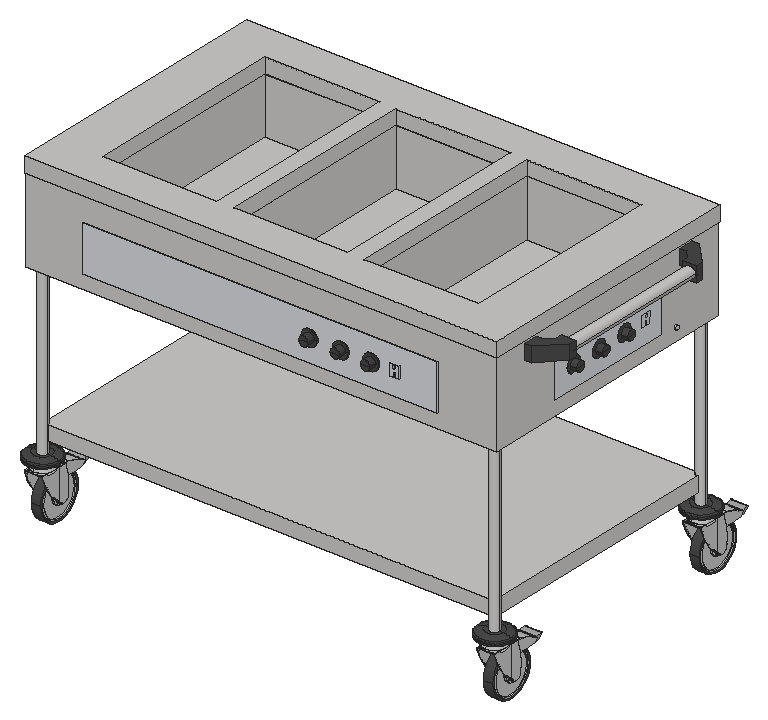
Revit family "QF_BOURGEAT_3GN_bain_marie mobile_sans_etuve_cuve_separees", category Equipement spécialisé, Revit 2015
Parameters (values of type "commandes_petit_cote")
  lg_barre_transport = 635 mm
  commande_petit_cote = yes
  commande_grand_cote = no
  URL catalogue = "http://www.bourgeat.fr"
  URL = ""
  Type de Raccord Electrique = ""
  Type article = ""
  Tension = 230 V
  Spécification du Fabricant = "bain-marie mobiles"
  Remarques Plomberie = ""
  Remarques Electricité = ""
  Puissance électrique  = 2100 W
  Profondeur hors tout = 690 mm
  Poids net à vide = 60.00 kg
  Phase = 2
  Nature isolant = "30mm laine de roche"
  Modèle = "872013"
  Longueur hors tout = 1280 mm
  Intensité nominale = 9.13043 A
  Indice de protection = "33"
  Hauteur hors tout = 900 mm
  Fréquence = 50 Hz
  Fabricant = "BOURGEAT"
  Diamètre de Raccordement Evacuation = 26.7 mm
  Contact SAV = "0033(0)4.76.32.14.44"
  Charge max = 90.00 kg
Types (3, lengths in mm): name | lg_barre_transport | commande_petit_cote | commande_grand_cote | Profondeur hors tout | Poids net à vide | Modèle | Longueur hors tout
  (no name) | 635 | yes | no | 690 | 60.00 kg | "872013" | 1280
  commandes_petit_cote | 635 | yes | no | 690 | 60.00 kg | "872013" | 1280
  commande_grand_cote | 960 | no | yes | 755 | 55.00 kg | "872313" | 1215
Reference planes
  plane 1 "Centre (avant/arrière)": y = 0
  plane 2: z = 0
  plane 3 "Centre (gauche/droite)": x = 0
  plane 4: z = 856
  plane 5: z = 797.5
  plane 6: z = 735.5
  plane 7: y = 53
Forms (mm)
  Extrusion 1, solid, visible <- "commande_grand_cote"
    sketch origin (0, 0, 0) x (1, 0, 0) y (0, 0, 1)
      loop
        circle (444.189, 684.77) r 5
    from 381.744 to 379.5
  Extrusion 2, solid, visible <- "commande_petit_cote"
    sketch origin (0, 0, 0) x (0, 1, 0) y (0, 0, 1)
      loop
        circle (229.838, 670.991) r 5
    from 640 to 644.754
Dimensions and locks
  aligned and locked: level to plane 2
  aligned and locked: nested 1 to plane 5
  aligned and locked: nested 2 to plane 3 "Centre (gauche/droite)"
  aligned and locked: plane 4 to nested 2
  aligned and locked: plane 3 "Centre (gauche/droite)" to nested 4
  aligned and locked: plane 1 "Centre (avant/arrière)" to nested 4
  aligned and locked: plane 3 "Centre (gauche/droite)" to nested 3
  aligned and locked: plane 1 "Centre (avant/arrière)" to nested 3
  aligned and locked: nested 3 to nested 4
  aligned and locked: nested 4 to nested 2
  aligned and locked: nested 5 to nested 3
  aligned and locked: plane 5 to nested 5
  aligned and locked: nested 5 to Extrusion 1
  aligned and locked: plane 7 to nested 6
  aligned and locked: Extrusion 2 to nested 1
  aligned and locked: nested 7 to nested 3
  aligned and locked: nested 6 to nested 1
  aligned and locked: nested 7 to plane 4
  aligned and locked: nested 8 to nested 4
  aligned and locked: nested 9 to nested 4
  aligned and locked: nested 10 to nested 4
Nested families
  nested 1: "interface" at (640, 0, 735.5) x (0, 1, 0) z (0, 0, 1), visible <- "commande_petit_cote", type "interface"
  nested 2: "supports+barre_transport" at (0, -375.5, 816) x (-1, 0, 0) z (0, 0, 1), visible <- "commande_grand_cote", type "supports+barre_transport"
  nested 3: "3GN_cuve_separée" at (0, 0, 862.5), type "3GN_cuve_separée"
  nested 4: "3GN_chariot" at (0, 0, 0), type "3GN_chariot"
  nested 5: "interface_3GN" at (0, -379.5, 735.5), type "interface_3GN"
  nested 6: "bouton_rond" at (640, 53, 735.5) x (0, -1, 0) z (0, 0, 1), visible <- "commande_petit_cote", type "bouton_rond"
  nested 7: "supports+barre_transport_petit_cote_GN3" at (640, 0, 816) x (0, -1, 0) z (0, 0, 1), type "supports+barre_transport_petit_cote_GN3"
    with lg_barre_transport 566 mm, lg_barre 446 mm
  nested 8: "vanne" at (-355, 226, 575), type "vanne"
  nested 9: "vanne" at (0, 226, 575), type "vanne"
  nested 10: "vanne" at (355, 226, 575), type "vanne"
Connectors
  electrical at (444.189, -381.744, 684.77)
    settings: on Extrusion 1, index 1, voltage 0 V, apparent load 0 VA, apparent load phase1 0 VA, apparent load phase2 0 VA, apparent load phase3 0 VA, power factor 1, load classification "Autre", number of poles 1, system type 30, power factor state 1, is connector primary yes, connector utility no, sub classification motor no, connector description ""
  electrical at (644.754, 229.838, 670.991), driven by "Tension"
    settings: on Extrusion 2, index 2, voltage 230 V, apparent load 0 VA, apparent load phase1 2100 VA, apparent load phase2 0 VA, apparent load phase3 0 VA, power factor 1, load classification "Autre", number of poles 1, system type 30, power factor state 1, is connector primary no, connector utility no, sub classification motor no, connector description ""
  piping at (-355, 226, 575), diameter 20
    settings: on nested 8, index 3, connector inside diameter 609.6 mm, connector length 0 mm, flow factor 0, pipe flow 0.0 L/s, pressure drop 0.0 Pa, fitting loss kfactor 0, connector angle 0.00°, fixture units 0, engagement length 0 mm, angle of deflection 0.00°, flow configuration 0, flow direction 2, fitting loss method 0, system type 19, joint type 0, gender type 0, connector reference index -1, connector utility 0, adjustable connector no, is connector primary yes, connector description ""
  piping at (0, 226, 575), diameter 20
    settings: on nested 9, index 4, connector inside diameter 609.6 mm, connector length 0 mm, flow factor 0, pipe flow 0.0 L/s, pressure drop 0.0 Pa, fitting loss kfactor 0, connector angle 0.00°, fixture units 0, engagement length 0 mm, angle of deflection 0.00°, flow configuration 0, flow direction 2, fitting loss method 0, system type 19, joint type 0, gender type 0, connector reference index -1, connector utility 0, adjustable connector no, is connector primary no, connector description ""
  piping at (355, 226, 575), diameter 20
    settings: on nested 10, index 5, connector inside diameter 609.6 mm, connector length 0 mm, flow factor 0, pipe flow 0.0 L/s, pressure drop 0.0 Pa, fitting loss kfactor 0, connector angle 0.00°, fixture units 0, engagement length 0 mm, angle of deflection 0.00°, flow configuration 0, flow direction 2, fitting loss method 0, system type 19, joint type 0, gender type 0, connector reference index -1, connector utility 0, adjustable connector no, is connector primary no, connector description ""
Definition of nested family "interface"
  Reference planes
    plane 1 "Centre (avant/arrière)": y = 0
    plane 2: z = 0
    plane 3 "Centre (gauche/droite)": x = 0
    plane 4: x = 180
    plane 5: x = -180
    plane 6: z = 62
    plane 7: z = -62
    plane 8: x = -119
    plane 9: x = -33
    plane 10: x = 138
    plane 11: x = 113
    plane 12: z = 15.5
    plane 13: z = -15.5
    plane 14: y = 2
  Forms (mm)
    Extrusion 1, solid
      sketch origin (0, 0, 0) x (1, 0, 0) y (0, 0, 1)
        loop
          line (-180, 62) -> (-180, -62) -> (180, -62) -> (180, 62) -> (-180, 62)
      from 0 to -2
  Dimensions and locks
    plane 14 to plane 1 "Centre (avant/arrière)" = 2 mm
    aligned and locked: level to plane 2
    aligned and locked: Extrusion 1 sketch curve to plane 6
    aligned and locked: Extrusion 1 sketch curve to plane 5
    aligned and locked: Extrusion 1 sketch curve to plane 7
    aligned and locked: Extrusion 1 sketch curve to plane 4
    aligned and locked: Extrusion 1 to plane 14
    aligned and locked: nested 1 to plane 1 "Centre (avant/arrière)"
    aligned and locked: nested 1 to plane 10
    aligned and locked: plane 12 to nested 1
    aligned and locked: nested 2 to Extrusion 1
    aligned and locked: nested 3 to Extrusion 1
  Nested families
    nested 1: "switch" at (125.5, 0, -15.5) x (-1, 0, 0) z (0, 0, 1), type "switch"
    nested 2: "bouton_rond" at (-119, 0, 0) x (-1, 0, 0) z (0, 0, 1), type "bouton_rond"
    nested 3: "bouton_rond" at (-33, 0, 0) x (-1, 0, 0) z (0, 0, 1), type "bouton_rond"
  Definition of nested family "switch"
    Reference planes
      plane 1 "Centre (avant/arrière)": y = 0
      plane 2: z = 0
      plane 3 "Centre (gauche/droite)": x = 0
      plane 4: y = 5
      plane 5: y = 1
      plane 6: z = 31
      plane 7: x = 12.5
      plane 8: x = -12.5
      plane 9: z = 25.177
    Forms (mm)
      Extrusion 1, solid
        sketch origin (0, 0, 0) x (0, 1, 0) y (0, 0, 1)
          loop
            line (0, 0) -> (1, 0) -> (2.152, 31) -> (0, 31) -> (0, 0)
        from -12.5 to 12.5
      Extrusion 2, solid
        sketch origin (0, 0, 4.291) x (1, 0, 0) y (0, 0, 1)
          loop
            circle (0, 20.886) r 3.186
          loop
            line (1.701, -1.363) -> (1.701, 7.758) -> (-1.378, 7.758) -> (-1.378, -1.363) -> (1.701, -1.363)
        from 0 to -2.244
    Dimensions and locks
      plane 6 to plane 2 = 31 mm
      aligned and locked: level to plane 2
      aligned and locked: plane 5 to Extrusion 1 sketch curve
      aligned and locked: plane 6 to Extrusion 1
      aligned and locked: plane 8 to Extrusion 1
      aligned and locked: plane 7 to Extrusion 1
      aligned and locked: plane 3 "Centre (gauche/droite)" to Extrusion 2 sketch curve
      aligned and locked: plane 9 to Extrusion 2
  Definition of nested family "bouton_rond"
    Reference planes
      plane 1 "Centre (avant/arrière)": y = 0
      plane 2: z = 0
      plane 3 "Centre (gauche/droite)": x = 0
      plane 4: y = 2
      plane 5: y = 21
      plane 6: x = -21.5
      plane 7: x = -12.5
    Forms (mm)
      Revolve 1, solid
        sketch origin (0, 0, 0) x (1, 0, 0) y (0, 1, 0)
          loop
            line (0, 0) -> (0, 21) -> (-12.5, 21) -> (-12.5, 2) -> (-21.5, 2) -> (-21.5, 0) -> (0, 0)
          axis (0, 21) -> (0, 0)
        angle from 0 to 360
    Dimensions and locks
      aligned and locked: level to plane 2
Definition of nested family "supports+barre_transport"
  Parameters (values of type "supports+barre_transport")
    lg_barre_transport = 635 mm
    lg_barre = lg_barre_transport - 120 mm  # 515 mm
  Reference planes
    plane 1 "Centre (avant/arrière)": y = 0
    plane 2: z = 0
    plane 3 "Centre (gauche/droite)": x = 0
    plane 4: x = -317.5
    plane 5: x = 317.5
    plane 6: y = 57.5
  Dimensions and locks
    "lg_barre_transport": plane 4 to plane 5
    equal spacing: plane 4, plane 3 "Centre (gauche/droite)", plane 5
    aligned and locked: level to plane 2
    aligned and locked: nested 1 to plane 4
    aligned and locked: plane 6 to nested 1
    aligned and locked: nested 3 to plane 6
    aligned and locked: nested 2 to plane 5
    aligned and locked: nested 3 to plane 3 "Centre (gauche/droite)"
    aligned and locked: nested 3 to nested 1
  Nested families
    nested 1: "support barre" at (-317.5, 0, 0), type "support barre"
    nested 2: "support barre" at (317.5, 0, 0) x (-1, 0, 0) z (0, 0, 1), type "support barre"
    nested 3: "barre" at (-257.5, 57.5, 20) x (0, 1, 0) z (0, 0, 1), type "barre"
  Definition of nested family "support barre"
    Reference planes
      plane 1 "Centre (avant/arrière)": y = 0
      plane 2: z = 0
      plane 3 "Centre (gauche/droite)": x = 0
      plane 4: y = 76
      plane 5: x = 78
      plane 6: y = 19
      plane 7: x = 60
      plane 8: through (0, 19, 1200) normal (-0.6887, 0.725, 0)
      plane 9: x = 40
      plane 10: z = 40
      plane 11: y = 57.5
      plane 12: z = 20
    Forms (mm)
      Extrusion 1, solid
        sketch origin (0, 0, 0) x (1, 0, 0) y (0, 1, 0)
          loop
            line (0, 0) -> (40, 0) -> (40, 19) -> (60, 39) -> (78, 39) -> (78, 76) -> (60, 76) -> (0, 19) -> (0, 0)
        from 0 to 40
      Extrusion 2, void
        sketch origin (0, 0, 0) x (0, 1, 0) y (0, 0, 1)
          loop
            circle (57.5, 20) r 15
        from 60 to 250
    Cuts and joins
      Extrusion 2 cuts Extrusion 1
    Dimensions and locks
      plane 1 "Centre (avant/arrière)" to plane 4 = 76 mm
      plane 3 "Centre (gauche/droite)" to plane 5 = 78 mm
      aligned and locked: level to plane 2
      aligned and locked: plane 10 to Extrusion 1
      aligned and locked: plane 12 to Extrusion 2 sketch curve
      aligned and locked: Extrusion 2 to plane 7
  Definition of nested family "barre"
    Parameters (values of type "barre")
      lg_barre = 515 mm
    Reference planes
      plane 1 "Centre (avant/arrière)": y = 0
      plane 2: z = 0
      plane 3 "Centre (gauche/droite)": x = 0
      plane 4: y = -515
      plane 5: y = -257.5
    Forms (mm)
      Extrusion 1, solid
        sketch origin (0, 0, 0) x (1, 0, 0) y (0, 0, 1)
          loop
            circle (0, 0) r 15
        from 0 to 515
    Dimensions and locks
      "lg_barre": plane 4 to plane 1 "Centre (avant/arrière)"
      equal spacing: plane 4, plane 5, plane 1 "Centre (avant/arrière)"
      aligned and locked: level to plane 2
      aligned and locked: Extrusion 1 to plane 4
    Automatic sketch dimensions
      Extrusion 1 sketch curve to level = 0 mm
      Extrusion 1 sketch curve to plane 3 "Centre (gauche/droite)" = 0 mm
      radius of Extrusion 1 sketch curve = 15 mm
Definition of nested family "3GN_cuve_separée"
  Parameters (values of type "3GN_cuve_separée")
    longueur = 1280 mm
    largeur = 755 mm
  Reference planes
    plane 1 "Centre (avant/arrière)": y = 0
    plane 2: z = 0
    plane 3 "Centre (gauche/droite)": x = 0
    plane 4: x = 640
    plane 5: x = -640
    plane 6: y = 377.5
    plane 7: y = -377.5
    plane 8: x = -510
    plane 9: x = 510
    plane 10: x = -200
    plane 11: x = 200
    plane 12: y = 276
    plane 13: y = -276
    plane 14: x = -355
    plane 15: x = 355
    plane 16: z = 40
    plane 17: z = -170
    plane 18: y = 226
    plane 19: y = -287
    plane 20: x = 519
    plane 21: x = -191
  Forms (mm)
    Extrusion 1, solid
      sketch origin (0, 0, 0) x (1, 0, 0) y (0, 1, 0)
        loop
          line (-640, 377.5) -> (-640, -377.5) -> (640, -377.5) -> (640, 377.5) -> (-640, 377.5)
        loop
          line (-510, 276) -> (-510, -276) -> (-200, -276) -> (-200, 276) -> (-510, 276)
        loop
          line (200, -276) -> (510, -276) -> (510, 276) -> (200, 276) -> (200, -276)
        loop
          line (-155, -276) -> (155, -276) -> (155, 276) -> (-155, 276) -> (-155, -276)
      from 0 to 40
    Extrusion 2, solid
      sketch origin (0, 0, 0) x (1, 0, 0) y (0, 1, 0)
        loop
          line (-518.873, 287.105) -> (-518.873, -287) -> (-191, -287) -> (-191, 287.105) -> (-518.873, 287.105)
        loop
          line (189.978, 287.105) -> (189.978, -287) -> (519, -287) -> (519, 287.105) -> (189.978, 287.105)
        loop
          line (-164.511, 287.105) -> (-164.511, -287) -> (164.511, -287) -> (164.511, 287.105) -> (-164.511, 287.105)
      from 0 to -170
    Extrusion 3, void
      sketch origin (0, 0, 0) x (1, 0, 0) y (0, 1, 0)
        loop
          line (-510, 276) -> (-510, -276) -> (-200, -276) -> (-200, 276) -> (-510, 276)
        loop
          line (200, 276) -> (200, -276) -> (510, -276) -> (510, 276) -> (200, 276)
        loop
          line (-155, 276) -> (-155, -276) -> (155, -276) -> (155, 276) -> (-155, 276)
      from 76.929 to -155.016
    Extrusion 4, void
      sketch origin (0, 0, 0) x (1, 0, 0) y (0, 1, 0)
        loop
          circle (-353.627, 226) r 25
        loop
          circle (355, 226) r 25
        loop
          circle (0, 226) r 25
      from -346.977 to 250
  Cuts and joins
    Extrusion 3 cuts Extrusion 1
    Extrusion 3, Extrusion 4 cuts Extrusion 2
  Dimensions and locks
    "largeur": plane 6 to plane 7
    "longueur": plane 5 to plane 4
    equal spacing: plane 5, plane 3 "Centre (gauche/droite)", plane 4
    equal spacing: plane 6, plane 1 "Centre (avant/arrière)", plane 7
    locked: plane 8 to plane 10 at 310
    Extrusion 2 sketch curve to plane 13 = 11 mm
    locked: cut or joined group of Extrusion 2, Extrusion 3, Extrusion 4 to plane 8 at 8.873
    locked: cut or joined group of Extrusion 2, Extrusion 3, Extrusion 4 to plane 12 at 11.105
    locked: plane 19 to cut or joined group of Extrusion 1, Extrusion 3 at 11
    locked: plane 9 to plane 20 at 9
    plane 14 to plane 3 "Centre (gauche/droite)" = 355 mm
    plane 8 to plane 14 = 155 mm
    plane 10 to plane 21 = 9 mm
    plane 3 "Centre (gauche/droite)" to plane 15 = 355 mm
    plane 15 to plane 9 = 155 mm
    plane 11 to plane 9 = 310 mm
    aligned and locked: level to plane 2
    aligned and locked: plane 16 to Extrusion 1
    aligned and locked: Extrusion 1 sketch curve to plane 12  (x2)
    aligned and locked: Extrusion 1 sketch curve to plane 13
    aligned and locked: plane 13 to Extrusion 1 sketch curve
    aligned and locked: Extrusion 1 sketch curve to plane 11
    aligned and locked: Extrusion 1 sketch curve to plane 9
    aligned and locked: Extrusion 2 to plane 17
    aligned and locked: plane 2 to Extrusion 2
    aligned and locked: Extrusion 3 sketch curve to plane 12
    aligned and locked: plane 8 to Extrusion 3 sketch curve
    aligned and locked: Extrusion 1 to Extrusion 3 sketch curve
    aligned and locked: plane 10 to Extrusion 3 sketch curve
    aligned and locked: Extrusion 3 sketch curve to Extrusion 1
    aligned and locked: plane 11 to Extrusion 3 sketch curve
    aligned and locked: Extrusion 3 sketch curve to plane 13
    aligned and locked: plane 9 to Extrusion 3 sketch curve
    aligned and locked: plane 19 to cut or joined group of Extrusion 2, Extrusion 3, Extrusion 4
    aligned and locked: cut or joined group of Extrusion 2, Extrusion 3, Extrusion 4 to plane 19
    aligned and locked: cut or joined group of Extrusion 1, Extrusion 3 to plane 12
    aligned and locked: plane 20 to cut or joined group of Extrusion 2, Extrusion 3, Extrusion 4
    aligned and locked: Extrusion 2 sketch curve to plane 21
    aligned and locked: plane 3 "Centre (gauche/droite)" to Extrusion 4 sketch curve
    aligned and locked: plane 18 to Extrusion 4 sketch curve
  Automatic sketch dimensions
    Extrusion 1 sketch curve to plane 5 = 0 mm
    Extrusion 1 sketch curve to plane 8 = 0 mm
    Extrusion 1 sketch curve to plane 10 = 0 mm
    Extrusion 1 sketch curve to plane 12 = 0 mm
    plane 13 to Extrusion 1 sketch curve = 0 mm
    Extrusion 1 sketch curve to plane 4 = 0 mm
    Extrusion 1 sketch curve to plane 7 = 0 mm
    Extrusion 1 sketch curve to plane 6 = 0 mm
    plane 21 to Extrusion 1 sketch curve = 36 mm
    Extrusion 1 sketch curve to plane 11 = 45 mm
    plane 19 to Extrusion 2 sketch curve = 0 mm  (x2)
    Extrusion 2 sketch curve to plane 20 = 0 mm
    Extrusion 2 sketch curve to plane 8 = 8.873 mm
    plane 12 to Extrusion 2 sketch curve = 11.105 mm  (x3)
    Extrusion 2 sketch curve to Extrusion 2 sketch curve = 26.489 mm
    Extrusion 2 sketch curve to plane 11 = 35.489 mm
    Extrusion 2 sketch curve to plane 11 = 10.022 mm
    Extrusion 4 sketch curve to plane 18 = 0 mm  (x2)
    Extrusion 4 sketch curve to plane 15 = 0 mm
    Extrusion 4 sketch curve to plane 14 = 1.373 mm
    Extrusion 3 sketch curve to plane 12 = 0 mm
    plane 13 to Extrusion 3 sketch curve = 0 mm
    plane 21 to Extrusion 3 sketch curve = 36 mm
    Extrusion 3 sketch curve to plane 11 = 45 mm
    radius of Extrusion 4 sketch curve = 25 mm  (x3)
Definition of nested family "3GN_chariot"
  Parameters (values of type "3GN_chariot")
    longueur = 1276 mm
    largeur = 751 mm
  Reference planes
    plane 1 "Centre (avant/arrière)": y = 0
    plane 2: z = 0
    plane 3 "Centre (gauche/droite)": x = 0
    plane 4: x = 613
    plane 5: x = -613
    plane 6: y = 349.5
    plane 7: y = -349.5
    plane 8: z = 182
    plane 9: z = 633
    plane 10: y = 375.5
    plane 11: y = -375.5
    plane 12: x = 638
    plane 13: x = -638
    plane 14: z = 862.5
    plane 15: z = 212
    plane 16: z = 252
    plane 17: x = -355
    plane 18: x = 355
    plane 19: y = 227.5
    plane 20: z = 692.5
  Forms (mm)
    Extrusion 1, solid
      sketch origin (0, 0, 0) x (1, 0, 0) y (0, 1, 0)
        loop
          circle (-613, 349.5) r 12.5
        loop
          circle (-613, -349.5) r 12.5
        loop
          circle (613, -349.5) r 12.5
        loop
          circle (613, 349.5) r 12.5
      from 182 to 633
    Extrusion 2, solid
      sketch origin (0, 0, 0) x (1, 0, 0) y (0, 1, 0)
        loop
          line (-638, 375.5) -> (-638, -375.5) -> (638, -375.5) -> (638, 375.5) -> (-638, 375.5)
      from 633 to 862.5
    Extrusion 3, void
      sketch origin (0, 0, 0) x (1, 0, 0) y (0, 1, 0)
        loop
          line (-613, 349.5) -> (-613, -349.5) -> (613, -349.5) -> (613, 349.5) -> (-613, 349.5)
      from 692.5 to 959.473
    Extrusion 4, solid
      sketch origin (0, 0, 0) x (1, 0, 0) y (0, 1, 0)
        loop
          arc (-613, -337) -> (-604.161, -340.661) -> (-600.5, -349.5) r 12.5
          line (-600.5, -349.5) -> (600.5, -349.5)
          arc (600.5, -349.5) -> (604.161, -340.661) -> (613, -337) r 12.5
          line (613, -337) -> (613, 337)
          arc (613, 337) -> (604.161, 340.661) -> (600.5, 349.5) r 12.5
          line (600.5, 349.5) -> (-600.5, 349.5)
          arc (-600.5, 349.5) -> (-604.161, 340.661) -> (-613, 337) r 12.5
          line (-613, 337) -> (-613, -337)
      from 212 to 252
    Extrusion 5, void
      sketch origin (0, 0, 0) x (1, 0, 0) y (0, 1, 0)
        loop
          circle (-355, 227.5) r 25
        loop
          circle (355, 227.5) r 25
        loop
          circle (0, 227.5) r 25
      from 527.563 to 948.643
  Cuts and joins
    Extrusion 3 cuts Extrusion 1
    Extrusion 3, Extrusion 5 cuts Extrusion 2
    Extrusion 5 cuts Extrusion 4
  Dimensions and locks
    "largeur": plane 10 to plane 11
    equal spacing: plane 10, plane 1 "Centre (avant/arrière)", plane 11
    equal spacing: plane 13, plane 3 "Centre (gauche/droite)", plane 12
    "longueur": plane 13 to plane 12
    plane 10 to plane 19 = 148 mm
    plane 14 to plane 20 = 170 mm
    locked: plane 13 to plane 5 at 25
    locked: plane 4 to plane 12 at 25
    locked: plane 10 to plane 6 at 26
    locked: plane 11 to plane 7 at 26
    plane 17 to plane 3 "Centre (gauche/droite)" to plane 18 = 355 mm locked, 355 mm
    aligned and locked: level to plane 2
    aligned and locked: Extrusion 1 to plane 9
    aligned and locked: Extrusion 1 to plane 8
    aligned and locked: Extrusion 2 sketch curve to plane 11
    aligned and locked: Extrusion 2 sketch curve to plane 12
    aligned and locked: Extrusion 2 sketch curve to plane 13
    aligned and locked: Extrusion 2 sketch curve to plane 10
    aligned and locked: Extrusion 2 to plane 14
    aligned and locked: Extrusion 2 to plane 9
    aligned and locked: nested 1 to Extrusion 3 sketch curve
    aligned and locked: Extrusion 3 sketch curve to plane 5
    aligned and locked: Extrusion 3 sketch curve to nested 3
    aligned and locked: Extrusion 3 sketch curve to plane 4
    aligned and locked: Extrusion 4 sketch curve to plane 6
    aligned and locked: Extrusion 4 sketch curve to plane 5
    aligned and locked: Extrusion 4 sketch curve to plane 7
    aligned and locked: Extrusion 4 sketch curve to plane 4
    aligned and locked: Extrusion 4 to plane 16
    aligned and locked: Extrusion 4 to plane 15
    aligned and locked: cut or joined group of Extrusion 2, Extrusion 3, Extrusion 5 to plane 20
    aligned and locked: nested 1 to plane 5
    aligned and locked: nested 4 to plane 5
    aligned and locked: plane 4 to nested 2
    aligned and locked: plane 4 to nested 3
    aligned and locked: plane 3 "Centre (gauche/droite)" to Extrusion 5 sketch curve
    aligned and locked: plane 19 to Extrusion 5 sketch curve
    aligned and locked: plane 10 to cut or joined group of Extrusion 2, Extrusion 3, Extrusion 5  (x2)
    aligned and locked: plane 11 to cut or joined group of Extrusion 2, Extrusion 3, Extrusion 5
    aligned and locked: nested 1 to plane 6
    aligned and locked: plane 7 to nested 4
    aligned and locked: plane 7 to nested 3
    aligned and locked: nested 2 to plane 6
  Automatic sketch dimensions
    Extrusion 1 sketch curve to plane 5 = 0 mm  (x2)
    Extrusion 1 sketch curve to plane 4 = 0 mm  (x2)
    plane 7 to Extrusion 1 sketch curve = 0 mm  (x2)
    Extrusion 1 sketch curve to plane 6 = 0 mm  (x2)
    Extrusion 4 sketch curve to plane 5 = 12.5 mm
    Extrusion 4 sketch curve to plane 4 = 12.5 mm
    Extrusion 4 sketch curve to Extrusion 4 sketch curve = 12.5 mm  (x2)
    Extrusion 5 sketch curve to plane 17 = 0 mm
    Extrusion 5 sketch curve to plane 18 = 0 mm
    Extrusion 5 sketch curve to plane 19 = 0 mm  (x2)
    radius of Extrusion 1 sketch curve = 12.5 mm  (x4)
    radius of Extrusion 5 sketch curve = 25 mm  (x3)
  Nested families
    nested 1: "ROULETTE" at (-613, 349.5, 0), type "ROULETTE"
      with Sans frein yes, Avec frein yes
    nested 2: "ROULETTE" at (613, 349.5, 0), type "ROULETTE"
      with Sans frein yes, Avec frein yes
    nested 3: "ROULETTE" at (613, -349.5, 0), type "ROULETTE"
      with Sans frein yes, Avec frein yes
    nested 4: "ROULETTE" at (-613, -349.5, 0), type "ROULETTE"
      with Sans frein yes, Avec frein yes
  Definition of nested family "ROULETTE"
    Parameters (values of type "ROULETTE")
      Sans frein [instance] = yes
      Avec frein [instance] = yes
    Reference planes
      plane 1 "Centre (avant/arrière)": y = 0
      plane 2: z = 0
      plane 3 "Centre (gauche/droite)": x = 0
      plane 4: y = 40.851
      plane 5: z = 62.5
    Forms (mm)
      Extrusion 1, solid
        sketch origin (0, 0, 0) x (0, 1, 0) y (0, 0, 1)
          loop
            circle (40.851, 62.5) r 62.5
          loop
            circle (40.851, 62.5) r 57.5
        from -12.5 to 12.5
      Revolve 2, solid
        sketch origin (0, 0, 30.333) x (1, 0, 0) y (0, 0, 1)
          loop
            line (0, 151.667) -> (-25, 151.667) -> (-45.338, 146.217)
            arc (-45.338, 146.217) -> (-46.897, 145.175) -> (-47.5, 143.4) r 2.917
            line (-47.5, 143.4) -> (-47.5, 138.833)
            arc (-47.5, 138.833) -> (-47.012, 137.655) -> (-45.833, 137.167) r 1.667
            line (-45.833, 137.167) -> (-24.607, 137.167) -> (-24, 132.667) -> (0, 132.667) -> (0, 151.667)
          axis (0, 151.667) -> (0, 132.667)
        angle from 0 to 360
      Revolve 3, solid
        sketch origin (0, 0, 0) x (0, 1, 0) y (0, 0, 1)
          loop
            line (0, 163) -> (-20.149, 163) -> (-20.149, 159.41) -> (-21.6, 159.41)
            arc (-21.6, 159.41) -> (-24.448, 158.65) -> (-26.537, 156.572) r 5.712
            line (-26.537, 156.572) -> (-30.146, 147.743) -> (-26.999, 147.062) -> (-26.999, 146.112)
            arc (-26.999, 146.112) -> (-27.23, 145.314) -> (-27.849, 144.761) r 1.5
            arc (-27.849, 144.761) -> (-29.223, 143.633) -> (-29.923, 142) r 3.75
            line (-29.923, 142) -> (0, 142) -> (0, 163)
          axis (0, 163) -> (0, 142)
        angle from 0 to 360
      Extrusion 4, solid
        sketch origin (0, 0, 0) x (0, 1, 0) y (0, 0, -1)
          loop
            line (-29.974, -138.241) -> (-29.974, -142) -> (21.747, -142) -> (21.747, -60.336)
            arc (21.747, -60.336) -> (10.272, -70.702) -> (-0.149, -82.127) r 160.057
            arc (-0.149, -82.127) -> (-17.883, -108.684) -> (-29.974, -138.241) r 159.585
        from -24.913 to -23.038
      Extrusion 5, solid
        sketch origin (0, 0, 0) x (0, 1, 0) y (0, 0, 1)
          loop
            line (-29.974, 142) -> (-29.974, 140.869) -> (21.747, 140.869) -> (21.747, 142) -> (-29.974, 142)
        from -23.038 to 23.038
      Extrusion 6, solid
        sketch origin (0, 0, 0) x (0, 1, 0) y (0, 0, 1)
          loop
            circle (40.851, 62.5) r 57.5
          loop
            circle (40.851, 62.5) r 55
        from -12.5 to 12.5
      Extrusion 7, solid
        sketch origin (0, 0, 0) x (0, 1, 0) y (0, 0, 1)
          loop
            circle (40.851, 62.5) r 55
        from -7 to 7
      Extrusion 8, solid
        sketch origin (0, 0, 0) x (0, 1, 0) y (0, 0, 1)
          loop
            circle (40.851, 62.5) r 21
        from 7 to 15
      Extrusion 9, solid
        sketch origin (0, 0, 0) x (0, 1, 0) y (0, 0, -1)
          loop
            circle (40.851, -62.5) r 16
        from -23.038 to -15
      Extrusion 10, solid, visible <- "Sans frein"
        sketch origin (0, 0, 0) x (0, 1, 0) y (0, 0, 1)
          loop
            arc (21.747, 60.336) -> (23.188, 59.17) -> (24.642, 58.02) r 161.23
            arc (24.642, 58.02) -> (29.34, 54.513) -> (34.187, 51.216) r 133.333
            arc (34.187, 51.216) -> (46.517, 50.3) -> (53.927, 60.198) r 12.867
            arc (53.927, 60.198) -> (54.714, 99.183) -> (46.119, 137.216) r 161.222
            arc (46.119, 137.216) -> (45.679, 138.887) -> (45.531, 140.609) r 10.076
            line (45.531, 140.609) -> (45.531, 142) -> (21.747, 142) -> (21.747, 60.336)
        from 23.038 to 24.913
      Extrusion 11, solid, visible <- "Sans frein"
        sketch origin (0, 0, 0) x (0, 1, 0) y (0, 0, 1)
          loop
            line (21.747, 142) -> (21.747, 140.701) -> (48.851, 140.701) -> (48.851, 142) -> (21.747, 142)
        from -23.038 to 23.038
      Extrusion 12, solid, visible <- "Avec frein"
        sketch origin (0, 0, 0) x (0, 1, 0) y (0, 0, 1)
          loop
            line (21.747, 142) -> (21.747, 60.336)
            arc (21.747, 60.336) -> (23.177, 59.179) -> (24.62, 58.038) r 160.008
            arc (24.62, 58.038) -> (29.041, 54.705) -> (33.574, 51.527) r 160
            arc (33.574, 51.527) -> (46.135, 50.422) -> (53.724, 60.491) r 13
            arc (53.724, 60.491) -> (55.279, 82.092) -> (53.902, 103.704) r 160
            arc (53.902, 103.704) -> (55.53, 108.653) -> (60.415, 110.463) r 6
            arc (60.415, 110.463) -> (80.625, 109.924) -> (100.725, 112.107) r 150
            arc (100.725, 112.107) -> (104.408, 113.406) -> (107.479, 115.819) r 12
            line (107.479, 115.819) -> (110.851, 121.523)
            arc (110.851, 121.523) -> (85.913, 134.651) -> (58.706, 142) r 127.902
            line (58.706, 142) -> (21.747, 142)
        from 23.038 to 24.913
      Extrusion 13, solid, visible <- "Avec frein"
        sketch origin (0, 0, 0) x (0, 1, 0) y (0, 0, 1)
          loop
            line (58.706, 142) -> (21.747, 142) -> (21.747, 140) -> (58.552, 140)
            arc (58.552, 140) -> (85.253, 132.762) -> (109.73, 119.866) r 125.902
            line (109.73, 119.866) -> (110.851, 121.523)
            arc (110.851, 121.523) -> (85.913, 134.651) -> (58.706, 142) r 127.902
        from -23.038 to 23.038
      Extrusion 14, solid, visible <- "Avec frein"
        sketch origin (0, 19.896, 18.175) x (0, 1, 0) y (0, 0, 1)
          loop
            line (87.583, 97.644) -> (91.829, 95.227)
            arc (91.829, 95.227) -> (93.8, 95.006) -> (95.312, 96.29) r 2.5
            arc (95.312, 96.29) -> (103.495, 100.002) -> (111.176, 104.666) r 74.999
            line (111.176, 104.666) -> (110.852, 105.929)
            arc (110.852, 105.929) -> (110.04, 107.086) -> (108.666, 107.417) r 2
            arc (108.666, 107.417) -> (101.396, 105.849) -> (94.512, 103.034) r 42.354
            line (94.512, 103.034) -> (93.479, 101.228) -> (93.285, 100.414) -> (91.69, 101.675) -> (90.401, 102.412) -> (87.583, 97.644)
        from -23.038 to 23.038
      Extrusion 15, solid, not visible
        sketch origin (0, 0, 0) x (0, 1, 0) y (0, 0, -1)
          loop
            line (-29.974, -138.241) -> (-29.974, -142) -> (21.747, -142) -> (21.747, -60.336)
            arc (21.747, -60.336) -> (10.272, -70.702) -> (-0.149, -82.127) r 160.057
            arc (-0.149, -82.127) -> (-17.883, -108.684) -> (-29.974, -138.241) r 159.585
        from -24.913 to -23.038
      Extrusion 16, solid, not visible
        sketch origin (0, 0, 0) x (0, 1, 0) y (0, 0, 1)
          loop
            circle (40.851, 62.5) r 21
        from 7 to 15
      Extrusion 17, solid, not visible
        sketch origin (0, 0, 0) x (0, 1, 0) y (0, 0, -1)
          loop
            circle (40.851, -62.5) r 16
        from -23.038 to -15
      Extrusion 18, solid, visible <- "Sans frein", not visible
        sketch origin (0, 0, 0) x (0, 1, 0) y (0, 0, 1)
          loop
            arc (21.747, 60.336) -> (23.188, 59.17) -> (24.642, 58.02) r 161.23
            arc (24.642, 58.02) -> (29.34, 54.513) -> (34.187, 51.216) r 133.333
            arc (34.187, 51.216) -> (46.517, 50.3) -> (53.927, 60.198) r 12.867
            arc (53.927, 60.198) -> (54.714, 99.183) -> (46.119, 137.216) r 161.222
            arc (46.119, 137.216) -> (45.679, 138.887) -> (45.531, 140.609) r 10.076
            line (45.531, 140.609) -> (45.531, 142) -> (21.747, 142) -> (21.747, 60.336)
        from 23.038 to 24.913
      Extrusion 19, solid, visible <- "Avec frein", not visible
        sketch origin (0, 0, 0) x (0, 1, 0) y (0, 0, 1)
          loop
            line (21.747, 142) -> (21.747, 60.336)
            arc (21.747, 60.336) -> (23.177, 59.179) -> (24.62, 58.038) r 160.008
            arc (24.62, 58.038) -> (29.041, 54.705) -> (33.574, 51.527) r 160
            arc (33.574, 51.527) -> (46.135, 50.422) -> (53.724, 60.491) r 13
            arc (53.724, 60.491) -> (55.279, 82.092) -> (53.902, 103.704) r 160
            arc (53.902, 103.704) -> (55.53, 108.653) -> (60.415, 110.463) r 6
            arc (60.415, 110.463) -> (80.625, 109.924) -> (100.725, 112.107) r 150
            arc (100.725, 112.107) -> (104.408, 113.406) -> (107.479, 115.819) r 12
            line (107.479, 115.819) -> (110.851, 121.523)
            arc (110.851, 121.523) -> (85.913, 134.651) -> (58.706, 142) r 127.902
            line (58.706, 142) -> (21.747, 142)
        from 23.038 to 24.913
      Extrusion 20, solid
        sketch origin (0, 0, 0) x (0, -1, 0) y (0, 0, -1)
          loop
            arc (29.974, -138.241) -> (17.883, -108.684) -> (0.149, -82.127) r 159.585
            arc (0.149, -82.127) -> (-10.272, -70.702) -> (-21.747, -60.336) r 160.057
            line (-21.747, -60.336) -> (-21.747, -142) -> (29.974, -142) -> (29.974, -138.241)
        from -24.913 to -23.038
      Extrusion 21, solid
        sketch origin (0, 0, 0) x (0, -1, 0) y (0, 0, 1)
          loop
            circle (-40.851, 62.5) r 21
        from 7 to 15
      Extrusion 22, solid
        sketch origin (0, 0, 0) x (0, -1, 0) y (0, 0, -1)
          loop
            circle (-40.851, -62.5) r 16
        from -23.038 to -15
      Extrusion 23, solid, visible <- "Sans frein"
        sketch origin (0, 0, 0) x (0, -1, 0) y (0, 0, 1)
          loop
            line (-21.747, 60.336) -> (-21.747, 142) -> (-45.531, 142) -> (-45.531, 140.609)
            arc (-45.531, 140.609) -> (-45.679, 138.887) -> (-46.119, 137.216) r 10.076
            arc (-46.119, 137.216) -> (-54.714, 99.183) -> (-53.927, 60.198) r 161.222
            arc (-53.927, 60.198) -> (-46.517, 50.3) -> (-34.187, 51.216) r 12.867
            arc (-34.187, 51.216) -> (-29.34, 54.513) -> (-24.642, 58.02) r 133.333
            arc (-24.642, 58.02) -> (-23.188, 59.17) -> (-21.747, 60.336) r 161.23
        from 23.038 to 24.913
      Extrusion 24, solid, visible <- "Avec frein"
        sketch origin (0, 0, 0) x (0, -1, 0) y (0, 0, 1)
          loop
            line (-21.747, 142) -> (-58.706, 142)
            arc (-58.706, 142) -> (-85.913, 134.651) -> (-110.851, 121.523) r 127.902
            line (-110.851, 121.523) -> (-107.479, 115.819)
            arc (-107.479, 115.819) -> (-104.408, 113.406) -> (-100.725, 112.107) r 12
            arc (-100.725, 112.107) -> (-80.625, 109.924) -> (-60.415, 110.463) r 150
            arc (-60.415, 110.463) -> (-55.53, 108.653) -> (-53.902, 103.704) r 6
            arc (-53.902, 103.704) -> (-55.279, 82.092) -> (-53.724, 60.491) r 160
            arc (-53.724, 60.491) -> (-46.135, 50.422) -> (-33.574, 51.527) r 13
            arc (-33.574, 51.527) -> (-29.041, 54.705) -> (-24.62, 58.038) r 160
            arc (-24.62, 58.038) -> (-23.177, 59.179) -> (-21.747, 60.336) r 160.008
            line (-21.747, 60.336) -> (-21.747, 142)
        from 23.038 to 24.913
    Dimensions and locks
      aligned and locked: level to plane 2
Definition of nested family "interface_3GN"
  Reference planes
    plane 1 "Centre (avant/arrière)": y = 0
    plane 2: z = 0
    plane 3 "Centre (gauche/droite)": x = 0
    plane 4: x = 480
    plane 5: x = -480
    plane 6: z = 62
    plane 7: z = -62
    plane 8: y = 2
  Forms (mm)
    Extrusion 1, solid
      sketch origin (0, 0, 0) x (1, 0, 0) y (0, 0, 1)
        loop
          line (-480, 62) -> (-480, -62) -> (480, -62) -> (480, 62) -> (-480, 62)
      from 0 to -2
  Dimensions and locks
    plane 8 to plane 1 "Centre (avant/arrière)" = 2 mm
    plane 5 to plane 3 "Centre (gauche/droite)" to plane 4 = 480 mm, 480 mm
    aligned and locked: level to plane 2
    aligned and locked: Extrusion 1 sketch curve to plane 6
    aligned and locked: Extrusion 1 sketch curve to plane 5
    aligned and locked: Extrusion 1 sketch curve to plane 7
    aligned and locked: Extrusion 1 sketch curve to plane 4
    aligned and locked: plane 8 to Extrusion 1
    aligned and locked: nested 1 to plane 1 "Centre (avant/arrière)"
    aligned and locked: nested 2 to Extrusion 1
    aligned and locked: nested 3 to Extrusion 1
  Nested families
    nested 1: "switch" at (365.5, 0, -15.5) x (-1, 0, 0) z (0, 0, 1), type "switch"
    nested 2: "bouton_rond" at (135, 0, 0) x (-1, 0, 0) z (0, 0, 1), type "bouton_rond"
    nested 3: "bouton_rond" at (302, 0, 0) x (-1, 0, 0) z (0, 0, 1), type "bouton_rond"
    nested 4: "bouton_rond" at (219.8, 0, 0) x (-1, 0, 0) z (0, 0, 1), type "bouton_rond"
  Definition of nested family "switch"
    Reference planes
      plane 1 "Centre (avant/arrière)": y = 0
      plane 2: z = 0
      plane 3 "Centre (gauche/droite)": x = 0
      plane 4: y = 5
      plane 5: y = 1
      plane 6: z = 31
      plane 7: x = 12.5
      plane 8: x = -12.5
      plane 9: z = 25.177
    Forms (mm)
      Extrusion 1, solid
        sketch origin (0, 0, 0) x (0, 1, 0) y (0, 0, 1)
          loop
            line (0, 0) -> (1, 0) -> (2.152, 31) -> (0, 31) -> (0, 0)
        from -12.5 to 12.5
      Extrusion 2, solid
        sketch origin (0, 0, 4.291) x (1, 0, 0) y (0, 0, 1)
          loop
            circle (0, 20.886) r 3.186
          loop
            line (1.701, -1.363) -> (1.701, 7.758) -> (-1.378, 7.758) -> (-1.378, -1.363) -> (1.701, -1.363)
        from 0 to -2.244
    Dimensions and locks
      plane 6 to plane 2 = 31 mm
      aligned and locked: level to plane 2
      aligned and locked: plane 5 to Extrusion 1 sketch curve
      aligned and locked: plane 6 to Extrusion 1
      aligned and locked: plane 8 to Extrusion 1
      aligned and locked: plane 7 to Extrusion 1
      aligned and locked: plane 3 "Centre (gauche/droite)" to Extrusion 2 sketch curve
      aligned and locked: plane 9 to Extrusion 2
  Definition of nested family "bouton_rond"
    Reference planes
      plane 1 "Centre (avant/arrière)": y = 0
      plane 2: z = 0
      plane 3 "Centre (gauche/droite)": x = 0
      plane 4: y = 2
      plane 5: y = 21
      plane 6: x = -21.5
      plane 7: x = -12.5
    Forms (mm)
      Revolve 1, solid
        sketch origin (0, 0, 0) x (1, 0, 0) y (0, 1, 0)
          loop
            line (0, 0) -> (0, 21) -> (-12.5, 21) -> (-12.5, 2) -> (-21.5, 2) -> (-21.5, 0) -> (0, 0)
          axis (0, 21) -> (0, 0)
        angle from 0 to 360
    Dimensions and locks
      aligned and locked: level to plane 2
Definition of nested family "bouton_rond"
  Reference planes
    plane 1 "Centre (avant/arrière)": y = 0
    plane 2: z = 0
    plane 3 "Centre (gauche/droite)": x = 0
    plane 4: y = 2
    plane 5: y = 21
    plane 6: x = -21.5
    plane 7: x = -12.5
  Forms (mm)
    Revolve 1, solid
      sketch origin (0, 0, 0) x (1, 0, 0) y (0, 1, 0)
        loop
          line (0, 0) -> (0, 21) -> (-12.5, 21) -> (-12.5, 2) -> (-21.5, 2) -> (-21.5, 0) -> (0, 0)
        axis (0, 21) -> (0, 0)
      angle from 0 to 360
  Dimensions and locks
    aligned and locked: level to plane 2
Definition of nested family "supports+barre_transport_petit_cote_GN3"
  Parameters (values of type "supports+barre_transport_petit_cote_GN3")
    lg_barre_transport = 635 mm
    lg_barre = lg_barre_transport - 120 mm  # 515 mm
  Reference planes
    plane 1 "Centre (avant/arrière)": y = 0
    plane 2: z = 0
    plane 3 "Centre (gauche/droite)": x = 0
    plane 4: x = -317.5
    plane 5: x = 317.5
    plane 6: y = 57.5
  Dimensions and locks
    "lg_barre_transport": plane 4 to plane 5
    equal spacing: plane 4, plane 3 "Centre (gauche/droite)", plane 5
    aligned and locked: level to plane 2
    aligned and locked: nested 1 to plane 4
    aligned and locked: plane 6 to nested 1
    aligned and locked: nested 3 to plane 6
    aligned and locked: nested 2 to plane 5
    aligned and locked: nested 3 to plane 3 "Centre (gauche/droite)"
    aligned and locked: nested 3 to nested 1
  Nested families
    nested 1: "support barre" at (-317.5, 0, 0), type "support barre"
    nested 2: "support barre" at (317.5, 0, 0) x (-1, 0, 0) z (0, 0, 1), type "support barre"
    nested 3: "barre" at (-257.5, 57.5, 20) x (0, 1, 0) z (0, 0, 1), type "barre"
  Definition of nested family "support barre"
    Reference planes
      plane 1 "Centre (avant/arrière)": y = 0
      plane 2: z = 0
      plane 3 "Centre (gauche/droite)": x = 0
      plane 4: y = 76
      plane 5: x = 78
      plane 6: y = 19
      plane 7: x = 60
      plane 8: through (0, 19, 1200) normal (-0.6887, 0.725, 0)
      plane 9: x = 40
      plane 10: z = 40
      plane 11: y = 57.5
      plane 12: z = 20
    Forms (mm)
      Extrusion 1, solid
        sketch origin (0, 0, 0) x (1, 0, 0) y (0, 1, 0)
          loop
            line (0, 0) -> (40, 0) -> (40, 19) -> (60, 39) -> (78, 39) -> (78, 76) -> (60, 76) -> (0, 19) -> (0, 0)
        from 0 to 40
      Extrusion 2, void
        sketch origin (0, 0, 0) x (0, 1, 0) y (0, 0, 1)
          loop
            circle (57.5, 20) r 15
        from 60 to 250
    Cuts and joins
      Extrusion 2 cuts Extrusion 1
    Dimensions and locks
      plane 1 "Centre (avant/arrière)" to plane 4 = 76 mm
      plane 3 "Centre (gauche/droite)" to plane 5 = 78 mm
      aligned and locked: level to plane 2
      aligned and locked: plane 10 to Extrusion 1
      aligned and locked: plane 12 to Extrusion 2 sketch curve
      aligned and locked: Extrusion 2 to plane 7
  Definition of nested family "barre"
    Parameters (values of type "barre")
      lg_barre = 515 mm
    Reference planes
      plane 1 "Centre (avant/arrière)": y = 0
      plane 2: z = 0
      plane 3 "Centre (gauche/droite)": x = 0
      plane 4: y = -515
      plane 5: y = -257.5
    Forms (mm)
      Extrusion 1, solid
        sketch origin (0, 0, 0) x (1, 0, 0) y (0, 0, 1)
          loop
            circle (0, 0) r 15
        from 0 to 515
    Dimensions and locks
      "lg_barre": plane 4 to plane 1 "Centre (avant/arrière)"
      equal spacing: plane 4, plane 5, plane 1 "Centre (avant/arrière)"
      aligned and locked: level to plane 2
      aligned and locked: Extrusion 1 to plane 4
    Automatic sketch dimensions
      Extrusion 1 sketch curve to level = 0 mm
      Extrusion 1 sketch curve to plane 3 "Centre (gauche/droite)" = 0 mm
      radius of Extrusion 1 sketch curve = 15 mm
Definition of nested family "vanne"
  Reference planes
    plane 1 "Centre (avant/arrière)": y = 0
    plane 2: z = 0
    plane 3 "Centre (gauche/droite)": x = 0
    plane 4: z = 68
    plane 5: x = 19
    plane 6: x = -19
    plane 7: x = -3.967
    plane 8: x = 5
  Forms (mm)
    Revolve 1, solid
      sketch origin (0, 0, 0) x (1, 0, 0) y (0, 0, 1)
        loop
          line (0, 68) -> (-10, 68) -> (-10, 63) -> (-14.261, 63) -> (-14.261, 58) -> (-19, 58) -> (-19, 11.887) -> (-14.261, 11.887) -> (-14.261, 7.667) -> (-10, 7.667) -> (-10, 0) -> (0, 0) -> (0, 68)
        axis (0, 68) -> (0, 0)
      angle from 0 to 360
    Extrusion 2, solid
      sketch origin (0, 0, 0) x (0, 1, 0) y (0, 0, 1)
        loop
          line (-17.211, 46.213) -> (-17.211, 48.933) -> (-34.5, 48.933) -> (-34.5, -38.787) -> (-31.377, -38.787) -> (-31.377, 46.213) -> (-17.211, 46.213)
      from -3.967 to 5
  Dimensions and locks
    aligned and locked: level to plane 2
    aligned and locked: plane 7 to Extrusion 2
    aligned and locked: plane 8 to Extrusion 2
